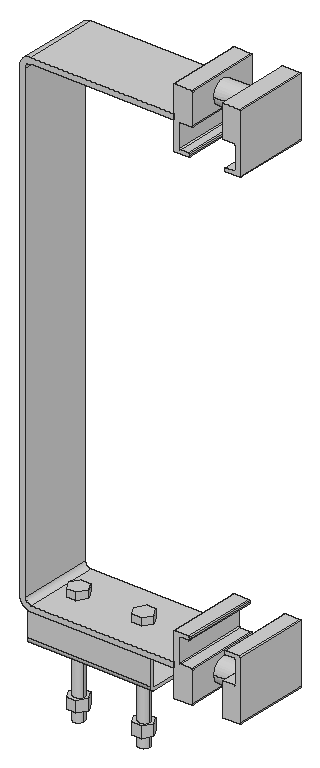
Revit family "EV_LADDER FIXATION_1857200", category Generic Models, Revit 2018
Family settings
  Can host rebar = No
  Round Connector Dimension = Use Diameter
  Part Type = Normal
  OmniClass Number = 35.51.14.00
  OmniClass Title = FORMWORK
  Work Plane-Based = Yes
  Always vertical = No
  Cut with Voids When Loaded = No
  Shared = Yes
  Room Calculation Point = No
Parameters
  VERSION = "20190221"  # constant formula
  URL = "www.ulmaconstruction.com/en"
  UNICLASS = ""
  NUT POSITION [instance] = 50.000 mm
  Manufacturer = "ULMA CONSTRUCTION"  # constant formula
  ITEM_WEIGHT = 6.40 kg
  ITEM_CODE = "1857200"
  FILTER [instance] = ""
  Default Elevation = 0.000 mm
  CLASSIFICATION_TITLE = ""
  CLASSIFICATION_NUMBER = ""
Reference planes
  plane 1 "Centro (Frontal/Posterior)": y = 0
  plane 2: z = 0
  plane 3 "Centro (Izquierda/Derecha)": x = 0
  plane 4 "SCREW": x = -70
  plane 5 "NUT POSITION": z = -50
  plane 6 "NUT EXTRUSION": z = -62
Forms (mm)
  Extrusion 1, solid, material "ULMA ZINC", detail levels fine
    sketch origin (0, 0, 0) x (1, 0, 0) y (0, 1, 0)
      loop
        circle (0, 0) r 6
    from -74 to 46
  Extrusion 2, solid, material "ULMA ZINC", detail levels fine
    sketch origin (-70, 0, 0) x (1, 0, 0) y (0, 1, 0)
      loop
        circle (0, 0) r 6
    from -74 to 46
  Extrusion 3, solid, material "ULMA ZINC"
    sketch origin (0, 0, 0) x (1, 0, 0) y (0, 0, 1)
      loop
        line (64, 572) -> (-89, 572)
        arc (-89, 572) -> (-97.485, 568.485) -> (-101, 560) r 12
        line (-101, 560) -> (-101, 52)
        arc (-101, 52) -> (-97.485, 43.515) -> (-89, 40) r 12
        line (-89, 40) -> (64, 40) -> (64, 46) -> (-89, 46)
        arc (-89, 46) -> (-93.243, 47.757) -> (-95, 52) r 6
        line (-95, 52) -> (-95, 560)
        arc (-95, 560) -> (-93.243, 564.243) -> (-89, 566) r 6
        line (-89, 566) -> (64, 566) -> (64, 572)
    from -40 to 40
  Extrusion 4, solid, material "ULMA ZINC"
    sketch origin (0, 0, 0) x (1, 0, 0) y (0, 0, 1)
      loop
        arc (84, 45) -> (83.707, 45.707) -> (83, 46) r 1
        line (83, 46) -> (71, 46)
        arc (71, 46) -> (70.293, 46.293) -> (70, 47) r 1
        line (70, 47) -> (70, 71)
        arc (70, 71) -> (70.293, 71.707) -> (71, 72) r 1
        line (71, 72) -> (80, 72)
        arc (80, 72) -> (80.707, 72.293) -> (81, 73) r 1
        line (81, 73) -> (81, 75)
        arc (81, 75) -> (80.707, 75.707) -> (80, 76) r 1
        line (80, 76) -> (65, 76)
        arc (65, 76) -> (64.293, 75.707) -> (64, 75) r 1
        line (64, 75) -> (64, 12)
        arc (64, 12) -> (64.293, 11.293) -> (65, 11) r 1
        line (65, 11) -> (83, 11)
        arc (83, 11) -> (83.707, 11.293) -> (84, 12) r 1
        line (84, 12) -> (84, 45)
    from -40 to 40
  Extrusion 5, solid, material "ULMA ZINC"
    sketch origin (0, 0, 0) x (1, 0, 0) y (0, 0, 1)
      loop
        line (83, 601) -> (65, 601)
        arc (65, 601) -> (64.293, 600.707) -> (64, 600) r 1
        line (64, 600) -> (64, 537)
        arc (64, 537) -> (64.293, 536.293) -> (65, 536) r 1
        line (65, 536) -> (80, 536)
        arc (80, 536) -> (80.707, 536.293) -> (81, 537) r 1
        line (81, 537) -> (81, 539)
        arc (81, 539) -> (80.707, 539.707) -> (80, 540) r 1
        line (80, 540) -> (71, 540)
        arc (71, 540) -> (70.293, 540.293) -> (70, 541) r 1
        line (70, 541) -> (70, 565)
        arc (70, 565) -> (70.293, 565.707) -> (71, 566) r 1
        line (71, 566) -> (83, 566)
        arc (83, 566) -> (83.707, 566.293) -> (84, 567) r 1
        line (84, 567) -> (84, 600)
        arc (84, 600) -> (83.707, 600.707) -> (83, 601) r 1
    from -40 to 40
  Extrusion 6, solid, material "ULMA ZINC", detail levels fine
    sketch origin (0, 0, 0) x (0, 1, 0) y (0, 0, 1)
      loop
        arc (-24, 40) -> (-28.243, 38.243) -> (-30, 34) r 6
        line (-30, 34) -> (-30, 6)
        arc (-30, 6) -> (-28.243, 1.757) -> (-24, 0) r 6
        line (-24, 0) -> (24, 0)
        arc (24, 0) -> (28.243, 1.757) -> (30, 6) r 6
        line (30, 6) -> (30, 34)
        arc (30, 34) -> (28.243, 38.243) -> (24, 40) r 6
        line (24, 40) -> (-24, 40)
      loop
        arc (-24, 37) -> (-26.121, 36.121) -> (-27, 34) r 3
        line (-27, 34) -> (-27, 6)
        arc (-27, 6) -> (-26.121, 3.879) -> (-24, 3) r 3
        line (-24, 3) -> (24, 3)
        arc (24, 3) -> (26.121, 3.879) -> (27, 6) r 3
        line (27, 6) -> (27, 34)
        arc (27, 34) -> (26.121, 36.121) -> (24, 37) r 3
        line (24, 37) -> (-24, 37)
    from -101 to 31
  Extrusion 7, solid, material "ULMA ZINC", detail levels fine
    sketch origin (0, 0, 0) x (1, 0, 0) y (0, 1, 0)
      loop
        line (-75.065, 9.5) -> (-80.55, 0) -> (-75.065, -9.5) -> (-64.935, -9.5) -> (-59.45, 0) -> (-64.935, 9.5) -> (-75.065, 9.5)
    from 46 to 54
  Extrusion 8, solid, material "ULMA ZINC", detail levels fine
    sketch origin (0, 0, 0) x (1, 0, 0) y (0, 1, 0)
      loop
        line (-75.065, 9.5) -> (-80.55, 0) -> (-75.065, -9.5) -> (-64.935, -9.5) -> (-59.45, 0) -> (-64.935, 9.5) -> (-75.065, 9.5)
    from -62 to -50
  Extrusion 9, solid, material "ULMA ZINC", detail levels fine
    sketch origin (70, 0, 0) x (1, 0, 0) y (0, 1, 0)
      loop
        line (-75.065, 9.5) -> (-80.55, 0) -> (-75.065, -9.5) -> (-64.935, -9.5) -> (-59.45, 0) -> (-64.935, 9.5) -> (-75.065, 9.5)
    from 46 to 54
  Extrusion 10, solid, material "ULMA ZINC", detail levels fine
    sketch origin (70, 0, 0) x (1, 0, 0) y (0, 1, 0)
      loop
        line (-75.065, 9.5) -> (-80.55, 0) -> (-75.065, -9.5) -> (-64.935, -9.5) -> (-59.45, 0) -> (-64.935, 9.5) -> (-75.065, 9.5)
    from -62 to -50
  Extrusion 11, solid, material "ULMA ZINC", detail levels fine
    sketch origin (0, 0, 0) x (0, 1, 0) y (0, 0, 1)
      loop
        circle (0, 28.5) r 12.5
    from 84 to 116
  Extrusion 12, solid, material "ULMA ZINC", detail levels fine
    sketch origin (200, 0, 0) x (-1, 0, 0) y (0, 0, -1)
      loop
        line (84, -45) -> (84, -12)
        arc (84, -12) -> (83.707, -11.293) -> (83, -11) r 1
        line (83, -11) -> (65, -11)
        arc (65, -11) -> (64.293, -11.293) -> (64, -12) r 1
        line (64, -12) -> (64, -75)
        arc (64, -75) -> (64.293, -75.707) -> (65, -76) r 1
        line (65, -76) -> (80, -76)
        arc (80, -76) -> (80.707, -75.707) -> (81, -75) r 1
        line (81, -75) -> (81, -73)
        arc (81, -73) -> (80.707, -72.293) -> (80, -72) r 1
        line (80, -72) -> (71, -72)
        arc (71, -72) -> (70.293, -71.707) -> (70, -71) r 1
        line (70, -71) -> (70, -47)
        arc (70, -47) -> (70.293, -46.293) -> (71, -46) r 1
        line (71, -46) -> (83, -46)
        arc (83, -46) -> (83.707, -45.707) -> (84, -45) r 1
    from -40 to 40
  Extrusion 13, solid, material "ULMA ZINC", detail levels fine
    sketch origin (200, 0, 0) x (-1, 0, 0) y (0, 0, -1)
      loop
        arc (83, -601) -> (83.707, -600.707) -> (84, -600) r 1
        line (84, -600) -> (84, -567)
        arc (84, -567) -> (83.707, -566.293) -> (83, -566) r 1
        line (83, -566) -> (71, -566)
        arc (71, -566) -> (70.293, -565.707) -> (70, -565) r 1
        line (70, -565) -> (70, -541)
        arc (70, -541) -> (70.293, -540.293) -> (71, -540) r 1
        line (71, -540) -> (80, -540)
        arc (80, -540) -> (80.707, -539.707) -> (81, -539) r 1
        line (81, -539) -> (81, -537)
        arc (81, -537) -> (80.707, -536.293) -> (80, -536) r 1
        line (80, -536) -> (65, -536)
        arc (65, -536) -> (64.293, -536.293) -> (64, -537) r 1
        line (64, -537) -> (64, -600)
        arc (64, -600) -> (64.293, -600.707) -> (65, -601) r 1
        line (65, -601) -> (83, -601)
    from -40 to 40
  Extrusion 14, solid, material "ULMA ZINC", detail levels fine
    sketch origin (0, 0, 555) x (0, 1, 0) y (0, 0, 1)
      loop
        circle (0, 28.5) r 12.5
    from 84 to 116
Dimensions and locks
  locked: plane 3 "Centro (Izquierda/Derecha)" to plane 4 "SCREW" at 70
  locked: plane 5 "NUT POSITION" to plane 6 "NUT EXTRUSION" at 12
  "NUT POSITION": plane 2 to plane 5 "NUT POSITION"
  aligned and locked: level to plane 2
  aligned and locked: Extrusion 10 to Extrusion 8
  aligned and locked: plane 5 "NUT POSITION" to Extrusion 10
  aligned and locked: Extrusion 8 to Extrusion 10
  aligned and locked: Extrusion 10 to plane 6 "NUT EXTRUSION"
Automatic sketch dimensions
  plane 1 "Centro (Frontal/Posterior)" to Extrusion 1 sketch curve = 0.000 mm
  Extrusion 1 sketch curve to plane 3 "Centro (Izquierda/Derecha)" = 0.000 mm
  plane 1 "Centro (Frontal/Posterior)" to Extrusion 2 sketch curve = 0.000 mm
  Extrusion 2 sketch curve to plane 4 "SCREW" = 0.000 mm
  Extrusion 3 sketch curve to Extrusion 3 sketch curve = 0.000 mm  (x4)
  Extrusion 3 sketch curve to plane 4 "SCREW" = 31.000 mm
  Extrusion 3 sketch curve to Extrusion 3 sketch curve = 6.000 mm  (x3)
  plane 3 "Centro (Izquierda/Derecha)" to Extrusion 3 sketch curve = 64.000 mm  (x2)
  level to Extrusion 3 sketch curve = 40.000 mm
  Extrusion 3 sketch curve to Extrusion 3 sketch curve = 508.000 mm
  plane 3 "Centro (Izquierda/Derecha)" to Extrusion 4 sketch curve = 64.000 mm
  Extrusion 4 sketch curve to Extrusion 4 sketch curve = 1.000 mm  (x6)
  Extrusion 4 sketch curve to Extrusion 4 sketch curve = 5.000 mm
  Extrusion 4 sketch curve to Extrusion 4 sketch curve = 9.000 mm
  Extrusion 4 sketch curve to Extrusion 4 sketch curve = 0.000 mm
  level to Extrusion 4 sketch curve = 12.000 mm
  Extrusion 4 sketch curve to Extrusion 4 sketch curve = 18.000 mm
  Extrusion 4 sketch curve to Extrusion 4 sketch curve = 12.000 mm
  Extrusion 4 sketch curve to Extrusion 4 sketch curve = 33.000 mm
  Extrusion 4 sketch curve to Extrusion 4 sketch curve = 24.000 mm
  Extrusion 4 sketch curve to Extrusion 4 sketch curve = 4.000 mm
  plane 3 "Centro (Izquierda/Derecha)" to Extrusion 5 sketch curve = 64.000 mm
  Extrusion 5 sketch curve to Extrusion 5 sketch curve = 1.000 mm  (x6)
  Extrusion 5 sketch curve to Extrusion 5 sketch curve = 5.000 mm
  Extrusion 5 sketch curve to Extrusion 5 sketch curve = 9.000 mm
  Extrusion 5 sketch curve to Extrusion 5 sketch curve = 0.000 mm
  Extrusion 5 sketch curve to Extrusion 5 sketch curve = 18.000 mm
  Extrusion 5 sketch curve to Extrusion 5 sketch curve = 12.000 mm
  level to Extrusion 5 sketch curve = 536.000 mm
  Extrusion 5 sketch curve to Extrusion 5 sketch curve = 2.000 mm
  Extrusion 5 sketch curve to Extrusion 5 sketch curve = 24.000 mm
  Extrusion 5 sketch curve to Extrusion 5 sketch curve = 33.000 mm
  Extrusion 6 sketch curve to Extrusion 6 sketch curve = 0.000 mm  (x8)
  Extrusion 6 sketch curve to level = 0.000 mm
  level to Extrusion 6 sketch curve = 6.000 mm  (x2)
  plane 1 "Centro (Frontal/Posterior)" to Extrusion 6 sketch curve = 30.000 mm
  Extrusion 6 sketch curve to Extrusion 6 sketch curve = 3.000 mm  (x2)
  Extrusion 6 sketch curve to plane 1 "Centro (Frontal/Posterior)" = 24.000 mm  (x2)
  Extrusion 6 sketch curve to Extrusion 6 sketch curve = 28.000 mm
  plane 1 "Centro (Frontal/Posterior)" to Extrusion 7 sketch curve = 0.000 mm  (x2)
  Extrusion 7 sketch curve to plane 4 "SCREW" = 10.550 mm
  Extrusion 7 sketch curve to plane 4 "SCREW" = 5.065 mm  (x2)
  plane 4 "SCREW" to Extrusion 7 sketch curve = 5.065 mm  (x2)
  plane 4 "SCREW" to Extrusion 7 sketch curve = 10.550 mm
  plane 1 "Centro (Frontal/Posterior)" to Extrusion 7 sketch curve = 9.500 mm
  Extrusion 7 sketch curve to plane 1 "Centro (Frontal/Posterior)" = 9.500 mm
  plane 1 "Centro (Frontal/Posterior)" to Extrusion 8 sketch curve = 0.000 mm  (x2)
  Extrusion 8 sketch curve to plane 4 "SCREW" = 10.550 mm
  Extrusion 8 sketch curve to plane 4 "SCREW" = 5.065 mm  (x2)
  plane 4 "SCREW" to Extrusion 8 sketch curve = 5.065 mm  (x2)
  plane 4 "SCREW" to Extrusion 8 sketch curve = 10.550 mm
  plane 1 "Centro (Frontal/Posterior)" to Extrusion 8 sketch curve = 9.500 mm
  Extrusion 8 sketch curve to plane 1 "Centro (Frontal/Posterior)" = 9.500 mm
  plane 1 "Centro (Frontal/Posterior)" to Extrusion 9 sketch curve = 0.000 mm  (x2)
  Extrusion 9 sketch curve to plane 3 "Centro (Izquierda/Derecha)" = 10.550 mm
  Extrusion 9 sketch curve to plane 3 "Centro (Izquierda/Derecha)" = 5.065 mm  (x2)
  plane 3 "Centro (Izquierda/Derecha)" to Extrusion 9 sketch curve = 5.065 mm  (x2)
  plane 3 "Centro (Izquierda/Derecha)" to Extrusion 9 sketch curve = 10.550 mm
  plane 1 "Centro (Frontal/Posterior)" to Extrusion 9 sketch curve = 9.500 mm
  Extrusion 9 sketch curve to plane 1 "Centro (Frontal/Posterior)" = 9.500 mm
  plane 1 "Centro (Frontal/Posterior)" to Extrusion 10 sketch curve = 0.000 mm  (x2)
  Extrusion 10 sketch curve to plane 3 "Centro (Izquierda/Derecha)" = 10.550 mm
  Extrusion 10 sketch curve to plane 3 "Centro (Izquierda/Derecha)" = 5.065 mm  (x2)
  plane 3 "Centro (Izquierda/Derecha)" to Extrusion 10 sketch curve = 5.065 mm  (x2)
  plane 3 "Centro (Izquierda/Derecha)" to Extrusion 10 sketch curve = 10.550 mm
  plane 1 "Centro (Frontal/Posterior)" to Extrusion 10 sketch curve = 9.500 mm
  Extrusion 10 sketch curve to plane 1 "Centro (Frontal/Posterior)" = 9.500 mm
  Extrusion 11 sketch curve to plane 1 "Centro (Frontal/Posterior)" = 0.000 mm
  level to Extrusion 11 sketch curve = 28.500 mm
  Extrusion 12 sketch curve to level = 75.000 mm
  Extrusion 12 sketch curve to plane 3 "Centro (Izquierda/Derecha)" = 136.000 mm
  Extrusion 12 sketch curve to Extrusion 12 sketch curve = 1.000 mm  (x6)
  Extrusion 12 sketch curve to Extrusion 12 sketch curve = 5.000 mm
  Extrusion 12 sketch curve to Extrusion 12 sketch curve = 9.000 mm
  Extrusion 12 sketch curve to Extrusion 12 sketch curve = 0.000 mm
  Extrusion 12 sketch curve to level = 12.000 mm
  Extrusion 12 sketch curve to Extrusion 12 sketch curve = 18.000 mm
  Extrusion 12 sketch curve to Extrusion 12 sketch curve = 12.000 mm
  Extrusion 12 sketch curve to Extrusion 12 sketch curve = 30.000 mm
  Extrusion 12 sketch curve to Extrusion 12 sketch curve = 4.000 mm
  Extrusion 13 sketch curve to plane 3 "Centro (Izquierda/Derecha)" = 136.000 mm
  Extrusion 13 sketch curve to Extrusion 13 sketch curve = 1.000 mm  (x6)
  Extrusion 13 sketch curve to Extrusion 13 sketch curve = 5.000 mm
  Extrusion 13 sketch curve to Extrusion 13 sketch curve = 9.000 mm
  Extrusion 13 sketch curve to Extrusion 13 sketch curve = 0.000 mm
  Extrusion 13 sketch curve to Extrusion 13 sketch curve = 18.000 mm
  Extrusion 13 sketch curve to Extrusion 13 sketch curve = 12.000 mm
  Extrusion 13 sketch curve to level = 536.000 mm
  Extrusion 13 sketch curve to Extrusion 13 sketch curve = 2.000 mm
  Extrusion 13 sketch curve to Extrusion 13 sketch curve = 24.000 mm
  Extrusion 13 sketch curve to Extrusion 13 sketch curve = 33.000 mm
  Extrusion 14 sketch curve to plane 1 "Centro (Frontal/Posterior)" = 0.000 mm
  level to Extrusion 14 sketch curve = 583.500 mm
  radius of Extrusion 1 sketch curve = 6.000 mm
  radius of Extrusion 2 sketch curve = 6.000 mm
  radius of Extrusion 11 sketch curve = 12.500 mm
  radius of Extrusion 14 sketch curve = 12.500 mm
